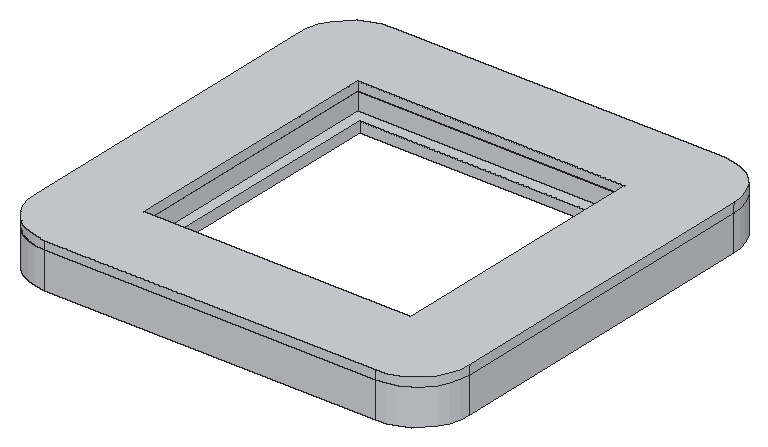
Revit family "Gira_0211426", category Electrical Fixtures, host Face, Revit 2017
Family settings
  Host = Face
  Maintain Annotation Orientation = No
  Round Connector Dimension = Use Diameter
  Part Type = Normal
  Cut with Voids When Loaded = No
  Shared = No
  Room Calculation Point = No
Parameters (values of type "Cov.fr. 1-g Gira E3 umber/anthra.")
  URL = "http://katalog.gira.de/en/datenblatt.html?artikelnr=0211426"
  Transparent = "No"
  Name = "Cov.fr. 1-g Gira E3 umber/anthra."
  Manufacturer URL = "https://www.gira.de/"
  Manufacturer = "Gira"
  Keynote = ""
  HeinzeBIM = "https://bimportal.heinze.de/bim/cov-fr-1-g-gira-e3-umber-anthra-/1119e81d99a2870d3efe96a6830f25c7b127c8a4"
  HAN = "0211426"
  GTIN = "4010337024453"
  Description = "Cov.fr.1g E3 UmAn,Gira E3 cover frame,umber soft touch with anthracite intermediate frame,1-gang,Features:,- Shatter-proof.,,Notes :,- Soft-touch surface,- NCS value: approx. NCS S 7010-Y10R"
  Default Elevation = 1219.2 mm
  Data sheet (1) = "https://katalog.gira.de/en/download.html?artikelnr=0211426"
  Category = "Cover frame for domestic switching devices"
  BIM (1) = "https://media.stage.bim.site/public/gira/36a6b08/E3_Rahmen_1fach.rfa"
  Available = "No"
Reference planes
  plane 1 "Center (Front/Back)": y = 0
  plane 2: z = 0
  plane 3 "Center (Left/Right)": x = 0
Forms (mm)
  Extrusion 1, solid, detail levels fine
    sketch origin (0, 0, 0) x (1, 0, 0) y (0, 1, 0)
      loop
        arc (-34.8, 45.809) -> (-42.585, 42.585) -> (-45.809, 34.8) r 11.009
        line (-45.809, 34.8) -> (-45.809, -34.8)
        arc (-45.809, -34.8) -> (-42.585, -42.585) -> (-34.8, -45.809) r 11.009
        line (-34.8, -45.809) -> (34.8, -45.809)
        arc (34.8, -45.809) -> (42.585, -42.585) -> (45.809, -34.8) r 11.009
        line (45.809, -34.8) -> (45.809, 34.8)
        arc (45.809, 34.8) -> (42.585, 42.585) -> (34.8, 45.809) r 11.009
        line (34.8, 45.809) -> (-34.8, 45.809)
      loop
        line (28.187, 28.156) -> (-28.187, 28.156) -> (-28.187, -28.156) -> (28.187, -28.156) -> (28.187, 28.156)
    from 7.65 to 9.5
  Extrusion 2, solid, detail levels fine
    sketch origin (0, 0, 0) x (1, 0, 0) y (0, 1, 0)
      loop
        line (25.7, 25.7) -> (-25.7, 25.7) -> (-25.7, -25.7) -> (25.7, -25.7) -> (25.7, 25.7)
      loop
        line (-28.187, -28.156) -> (28.187, -28.156) -> (28.187, 28.156) -> (-28.187, 28.156) -> (-28.187, -28.156)
    from 1.65 to 3.9
  Extrusion 3, solid, detail levels fine
    sketch origin (0, 0, 0) x (1, 0, 0) y (0, 1, 0)
      loop
        arc (-34.8, 45.809) -> (-42.585, 42.585) -> (-45.809, 34.8) r 11.009
        line (-45.809, 34.8) -> (-45.809, -34.8)
        arc (-45.809, -34.8) -> (-42.585, -42.585) -> (-34.8, -45.809) r 11.009
        line (-34.8, -45.809) -> (34.8, -45.809)
        arc (34.8, -45.809) -> (42.585, -42.585) -> (45.809, -34.8) r 11.009
        line (45.809, -34.8) -> (45.809, 34.8)
        arc (45.809, 34.8) -> (42.585, 42.585) -> (34.8, 45.809) r 11.009
        line (34.8, 45.809) -> (-34.8, 45.809)
      loop
        line (-43.843, 34.785) -> (-43.843, -34.785)
        arc (-43.843, -34.785) -> (-41.19, -41.19) -> (-34.785, -43.843) r 9.058
        line (-34.785, -43.843) -> (34.785, -43.843)
        arc (34.785, -43.843) -> (41.19, -41.19) -> (43.843, -34.785) r 9.058
        line (43.843, -34.785) -> (43.843, 34.785)
        arc (43.843, 34.785) -> (41.19, 41.19) -> (34.785, 43.843) r 9.058
        line (34.785, 43.843) -> (-34.785, 43.843)
        arc (-34.785, 43.843) -> (-41.19, 41.19) -> (-43.843, 34.785) r 9.058
    from 0 to 7.65
  Extrusion 4, solid, detail levels fine
    sketch origin (0, 0, 0) x (1, 0, 0) y (0, 1, 0)
      loop
        line (-27.337, -31.075) -> (27.337, -31.075)
        arc (27.337, -31.075) -> (29.98, -29.98) -> (31.075, -27.337) r 3.739
        line (31.075, -27.337) -> (31.075, 27.337)
        arc (31.075, 27.337) -> (29.98, 29.98) -> (27.337, 31.075) r 3.739
        line (27.337, 31.075) -> (-27.337, 31.075)
        arc (-27.337, 31.075) -> (-29.98, 29.98) -> (-31.075, 27.337) r 3.739
        line (-31.075, 27.337) -> (-31.075, -27.337)
        arc (-31.075, -27.337) -> (-29.98, -29.98) -> (-27.337, -31.075) r 3.739
      loop
        line (-29.925, 27.537) -> (-29.925, -27.537)
        arc (-29.925, -27.537) -> (-29.226, -29.226) -> (-27.537, -29.925) r 2.389
        line (-27.537, -29.925) -> (27.537, -29.925)
        arc (27.537, -29.925) -> (29.226, -29.226) -> (29.925, -27.537) r 2.389
        line (29.925, -27.537) -> (29.925, 27.537)
        arc (29.925, 27.537) -> (29.226, 29.226) -> (27.537, 29.925) r 2.389
        line (27.537, 29.925) -> (-27.537, 29.925)
        arc (-27.537, 29.925) -> (-29.226, 29.226) -> (-29.925, 27.537) r 2.389
    from 1.65 to 7.65
  Extrusion 5, solid, detail levels fine
    sketch origin (0, 0, 0) x (1, 0, 0) y (0, 1, 0)
      loop
        line (-32.053, -39.8) -> (32.053, -39.8)
        arc (32.053, -39.8) -> (37.667, -36.708) -> (39.9, -30.7) r 9.2
        line (39.9, -30.7) -> (39.9, 30.7)
        arc (39.9, 30.7) -> (37.205, 37.205) -> (30.7, 39.9) r 9.2
        line (30.7, 39.9) -> (-30.7, 39.9)
        arc (-30.7, 39.9) -> (-37.205, 37.205) -> (-39.9, 30.7) r 9.2
        line (-39.9, 30.7) -> (-39.9, -30.7)
        arc (-39.9, -30.7) -> (-37.667, -36.708) -> (-32.053, -39.8) r 9.2
      loop
        line (-30.7, -31.7) -> (30.7, -31.7)
        arc (30.7, -31.7) -> (31.407, -31.407) -> (31.7, -30.7) r 1
        line (31.7, -30.7) -> (31.7, 30.7)
        arc (31.7, 30.7) -> (31.407, 31.407) -> (30.7, 31.7) r 1
        line (30.7, 31.7) -> (-30.7, 31.7)
        arc (-30.7, 31.7) -> (-31.407, 31.407) -> (-31.7, 30.7) r 1
        line (-31.7, 30.7) -> (-31.7, -30.7)
        arc (-31.7, -30.7) -> (-31.407, -31.407) -> (-30.7, -31.7) r 1
    from 1.65 to 3.9
  Extrusion 6, solid, detail levels fine
    sketch origin (0, 0, 0) x (1, 0, 0) y (0, 1, 0)
      loop
        line (-28.187, 28.156) -> (-28.187, -28.156) -> (28.187, -28.156) -> (28.187, 28.156) -> (-28.187, 28.156)
      loop
        line (-29.925, 29.925) -> (-29.925, -29.925) -> (29.925, -29.925) -> (29.925, 29.925) -> (-29.925, 29.925)
    from 1.65 to 7.65
  Extrusion 7, solid, detail levels coarse+medium
    sketch origin (0, 0, 0) x (1, 0, 0) y (0, 1, 0)
      loop
        line (-45.809, 45.809) -> (-45.809, -45.809) -> (45.809, -45.809) -> (45.809, 45.809) -> (-45.809, 45.809)
    from 0 to 9.5
Dimensions and locks
  aligned and locked: plane 2 to host face
  aligned and locked: level to host face
